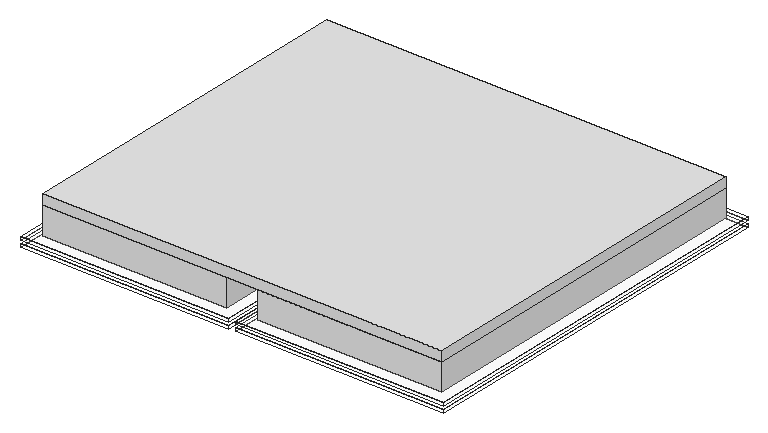
Revit family
Parameters (values of type "W680*D610")
  Wattage = 80 W
  built-in parameter 1150110 = 1 (stored number, unit not read)
  built-in parameter 1114217 = 1 (stored number, unit not read)
  built-in parameter 1150109 = 1 (stored number, unit not read)
  built-in parameter 1150134 = 8
  built-in parameter 1150113 = 1 (stored number, unit not read)
  Manufacturer = ""
  built-in parameter 1150115 = 1 (stored number, unit not read)
  built-in parameter 1150105 = 2037.2 (stored number, unit not read)
  Light Source Symbol Size = 609.6 mm
  built-in parameter 1150137 = (empty or 0)
  built-in parameter 1150139 = (empty or 0)
  built-in parameter 1150112 = 1 (stored number, unit not read)
  built-in parameter 1150114 = 1 (stored number, unit not read)
  Lamp = ""
  Model = ""
  조명 상자 재료 = 금속 - 크롬(2)
  Lumens = 6400 lm
  Wattage Comments = "(4)20"
  폭 = 680 mm
  built-in parameter 1150132 = (empty or 0)
  built-in parameter 1150102 = (empty or 0)
  built-in parameter 1150138 = (empty or 0)
  built-in parameter 1150107 = 4230 (stored number, unit not read)
  built-in parameter 1150106 = 20.372 (stored number, unit not read)
  하드웨어 재료 = 금속 - 크롬(2)
  유리 상자 재료 = 흰색 유리
  Emit from Rectangle Width = 깊이  # 610 mm
  Emit from Rectangle Length = 폭  # 680 mm
  Emit Shape Visible in Rendering = no
  built-in parameter 1150104 = 7.4322 (stored number, unit not read)
  Dimming Lamp Color Temperature Shift = (empty or 0)
  깊이 = 610 mm
  Color Filter = 16777215
  built-in parameter 1114218 = 1 (stored number, unit not read)
  built-in parameter 1150133 = 10 (stored number, unit not read)
Types (4, lengths in mm): name | 폭 | Emit from Rectangle Width | Emit from Rectangle Length | 깊이
  (no name) | 680 | 610 | 680 | 610
  W680*D610 | 680 | 610 | 680 | 610
  W780*D710 | 780 | 710 | 780 | 710
  W880*D810 | 880 | 810 | 880 | 810
Reference planes
  plane 1 "광원 축": y = -54.666
  plane 2 "천장": z = 2438.4
  plane 3 "광원 축": x = -23.504
  plane 4 "조명원 높이값": z = 2398.4
  plane 5: x = -363.504
  plane 6: x = 316.496
  plane 7: y = 250.334
  plane 8: y = -359.666
Forms (mm)
  Extrusion 1, solid, material "흰색 유리" <- "유리 상자 재료"
    sketch origin (0, 0, 2438.4) x (1, 0, 0) y (0, 1, 0)
      loop
        line (-363.504, 250.334) -> (-363.504, -359.666) -> (-28.504, -359.666) -> (-28.504, 250.334) -> (-363.504, 250.334)
      loop
        line (316.496, -359.666) -> (316.496, 250.334) -> (-18.504, 250.334) -> (-18.504, -359.666) -> (316.496, -359.666)
    from -74.978 to -69.978
  Extrusion 2, solid, material "금속 - 크롬(2)" <- "조명 상자 재료"
    sketch origin (0, 0, 2438.4) x (1, 0, 0) y (0, 1, 0)
      loop
        line (-343.504, 230.334) -> (-343.504, -339.666) -> (-48.504, -339.666) -> (-48.504, 230.334) -> (-343.504, 230.334)
      loop
        line (1.496, 230.334) -> (1.496, -339.666) -> (296.496, -339.666) -> (296.496, 230.334) -> (1.496, 230.334)
      loop
        line (-333.504, 220.334) -> (-333.504, -329.666) -> (-58.504, -329.666) -> (-58.504, 220.334) -> (-333.504, 220.334)
      loop
        line (11.496, 220.334) -> (11.496, -329.666) -> (286.496, -329.666) -> (286.496, 220.334) -> (11.496, 220.334)
    from -59.933 to -15.932
  Extrusion 3, solid, material "금속 - 크롬(2)" <- "조명 상자 재료"
    sketch origin (0, 0, 2438.4) x (1, 0, 0) y (0, 1, 0)
      loop
        line (-343.504, 230.334) -> (-343.504, -339.666) -> (296.496, -339.666) -> (296.496, 230.334) -> (-343.504, 230.334)
    from -15.932 to 0
  Extrusion 4, solid, material "흰색 유리" <- "유리 상자 재료"
    sketch origin (0, 0, 2438.4) x (1, 0, 0) y (0, 1, 0)
      loop
        line (-363.504, 250.334) -> (-363.504, -359.666) -> (-28.504, -359.666) -> (-28.504, 250.334) -> (-363.504, 250.334)
      loop
        line (-18.504, 250.334) -> (-18.504, -359.666) -> (316.496, -359.666) -> (316.496, 250.334) -> (-18.504, 250.334)
    from -64.956 to -59.933
  Extrusion 5, solid, material "금속 - 크롬(2)" <- "하드웨어 재료"
    sketch origin (0, 0, 2438.4) x (1, 0, 0) y (0, 1, 0)
      loop
        circle (-308.104, 184.934) r 10
      loop
        circle (-308.104, -294.266) r 10
      loop
        circle (261.096, 184.934) r 10
      loop
        circle (261.096, -294.266) r 10
      loop
        circle (-83.904, 184.934) r 10
      loop
        circle (-83.904, -294.266) r 10
      loop
        circle (36.896, 184.934) r 10
      loop
        circle (36.896, -294.266) r 10
    from -79.978 to -59.933
Lines and regions (mm)
  Opening 1
    outline origin (0, 0, 2438.4) x (1, 0, 0) y (0, 1, 0)
      loop
        line (-343.504, 230.334) -> (-343.504, -339.666) -> (296.496, -339.666) -> (296.496, 230.334) -> (-343.504, 230.334)
  sketch lines
    curve 1: line (-1547.504, 1469.334, 0) -> (1500.496, 1469.334, 0)
    curve 2: line (-1547.504, 1469.334, 0) -> (-1547.504, -1578.666, 0)
    curve 3: line (-1547.504, -1578.666, 0) -> (1500.496, -1578.666, 0)
    curve 4: line (1500.496, 1469.334, 0) -> (1500.496, -1578.666, 0)
  model lines
    curve 5: arc (-111.795, -7.712, 2438.4) -> (64.714, -101.759, 2438.4) -> (-111.647, -7.435, 2438.4) r 100
    curve 6: line (-363.504, 250.334, 2438.4) -> (316.496, 250.334, 2438.4)
    curve 7: line (-363.504, -359.666, 2438.4) -> (-363.504, 250.334, 2438.4)
    curve 8: line (316.496, -359.666, 2438.4) -> (-363.504, -359.666, 2438.4)
    curve 9: line (316.496, 250.334, 2438.4) -> (316.496, -359.666, 2438.4)
    curve 10: line (-363.504, 250.334, 2438.4) -> (-97.942, 12.109, 2438.4)
    curve 11: line (50.935, -121.441, 2438.4) -> (316.496, -359.666, 2438.4)
    curve 12: line (316.496, 250.334, 2438.4) -> (50.935, 12.109, 2438.4)
    curve 13: line (-97.942, -121.441, 2438.4) -> (-363.504, -359.666, 2438.4)
Dimensions and locks
  equal spacing: curve 2, plane 3 "광원 축", curve 4
  equal spacing: curve 3, plane 1 "광원 축", curve 1
  curve 2 to curve 4 = 3048 mm
  curve 3 to curve 1 = 3048 mm
  equal spacing: plane 5, plane 3 "광원 축", plane 6
  equal spacing: plane 8, plane 1 "광원 축", plane 7
  "폭": plane 5 to plane 6
  "깊이": plane 8 to plane 7
  aligned and locked: Opening 1 sketch curve to Extrusion 2  (x4)
  aligned and locked: host ceiling to Extrusion 3 sketch curve
  aligned and locked: plane 2 "천장" to Extrusion 3
  aligned and locked: Extrusion 4 sketch curve to Extrusion 1  (x6)
  aligned and locked: Extrusion 2 to Extrusion 4
  aligned and locked: curve 9 to Extrusion 1
  aligned and locked: plane 7 to Extrusion 1 sketch curve  (x2)
  aligned and locked: Extrusion 1 sketch curve to plane 5
  aligned and locked: Extrusion 1 sketch curve to plane 8  (x2)
  aligned and locked: plane 6 to Extrusion 1 sketch curve
  aligned and locked: Extrusion 4 sketch curve to plane 5
  aligned and locked: curve 7 to plane 5
  aligned and locked: Extrusion 3 sketch curve to Extrusion 2  (x3)
  aligned and locked: plane 3 "광원 축" to imposter light
  aligned and locked: plane 1 "광원 축" to imposter light
  aligned and locked: plane 4 "조명원 높이값" to imposter light
Automatic sketch dimensions
  Extrusion 1 sketch curve to plane 3 "광원 축" = 5 mm
  plane 3 "광원 축" to Extrusion 1 sketch curve = 5 mm
  plane 3 "광원 축" to Extrusion 4 sketch curve = 5 mm
  Extrusion 2 sketch curve to Extrusion 2 sketch curve = 10 mm  (x8)
  Extrusion 2 sketch curve to plane 3 "광원 축" = 35 mm
  plane 3 "광원 축" to Extrusion 2 sketch curve = 25 mm
  plane 6 to Extrusion 2 sketch curve = 30 mm
  Extrusion 2 sketch curve to plane 8 = 20 mm  (x2)
  plane 7 to Extrusion 2 sketch curve = 30 mm  (x2)
  Extrusion 2 sketch curve to plane 5 = 30 mm
  Extrusion 5 sketch curve to plane 5 = 55.4 mm  (x2)
  plane 6 to Extrusion 5 sketch curve = 55.4 mm  (x2)
  plane 7 to Extrusion 5 sketch curve = 65.4 mm  (x4)
  Extrusion 5 sketch curve to plane 8 = 65.4 mm  (x4)
  Extrusion 5 sketch curve to plane 3 "광원 축" = 60.4 mm  (x2)
  plane 3 "광원 축" to Extrusion 5 sketch curve = 60.4 mm  (x2)
  curve 5 to plane 1 "광원 축" = 0 mm
  curve 5 to plane 3 "광원 축" = 0 mm
  curve 13 to plane 8 = 0 mm
  curve 6 to plane 7 = 0 mm
  curve 10 to plane 3 "광원 축" = 74.438 mm
  curve 13 to plane 3 "광원 축" = 74.438 mm
  plane 3 "광원 축" to curve 12 = 74.438 mm
  plane 3 "광원 축" to curve 11 = 74.438 mm
  plane 1 "광원 축" to curve 11 = 66.775 mm
  plane 1 "광원 축" to curve 13 = 66.775 mm
  curve 10 to plane 1 "광원 축" = 66.775 mm
  curve 12 to plane 1 "광원 축" = 66.775 mm
  radius of Extrusion 5 sketch curve = 10 mm  (x8)
  radius of curve 5 = 100 mm
